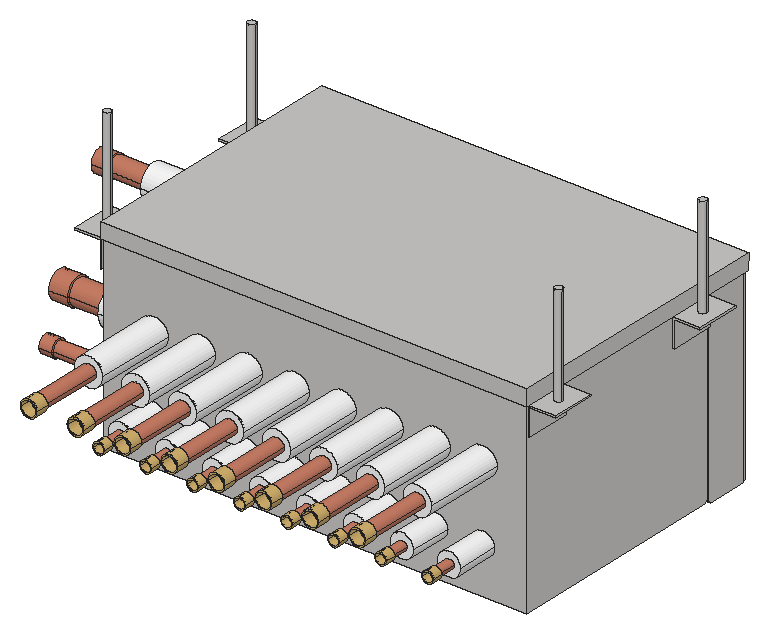
Revit family "Changeover_Box-VRF-Non_ducted-JCI-08_Port", category Mechanical Equipment, Revit 2014
Parameters (values of type "208v")
  Width = Body Width + Gas Front Connection Length  # 21.813"
  Voltage = 208 V
  Product Page URL = ""
  Product Name = "COB08M264B22S"
  Product Documentation Link = ""
  Power Factor = 0.8
  Power Consumption = 22.4 W
  Power Conduit Radius = Power Conduit Diameter / 2  # 7/16"
  Power Conduit Diameter = 7/8"
  Pitch = 4.750"
  Phase = 1
  Outdoor Suction Gas Wall Thickness = Outdoor Suction Gas Socket Outside Radius - Outdoor Suction Gas Socket Inside Radius  # 0.05511"
  Outdoor Suction Gas Socket Outside Radius = 1.0552 * Outdoor Suction Gas Radius + 0.095"  # 0.55665"
  Outdoor Suction Gas Socket Outside Depth = Outdoor Suction Gas Socket Inside Depth + Outdoor Suction Gas Wall Thickness  # 0.80823"
  Outdoor Suction Gas Socket Inside Radius = 1.0001 * Outdoor Suction Gas Radius + 0.064"  # 0.50154"
  Outdoor Suction Gas Socket Inside Depth = 1.15 * Outdoor Suction Gas Radius + 0.250"  # 0.75313"
  Outdoor Liquid Wall Thickness = Outdoor Liquid Socket Outside Radius - Outdoor Liquid Socket Inside Radius  # 0.04822"
  Outdoor Liquid Socket Outside Radius = 1.0552 * Outdoor Liquid Radius + 0.095"  # 0.42475"
  Outdoor Liquid Socket Outside Depth = Outdoor Liquid Socket Inside Depth + Outdoor Liquid Wall Thickness  # 0.65759"
  Outdoor Liquid Socket Inside Radius = 1.0001 * Outdoor Liquid Radius + 0.064"  # 0.37653"
  Outdoor Liquid Socket Inside Depth = 1.15 * Outdoor Liquid Radius + 0.250"  # 0.60938"
  Outdoor Discharge Gas Wall Thickness = Outdoor Discharge Gas Socket Outside Radius - Outdoor Discharge Gas Socket Inside Radius  # 0.06199"
  Outdoor Discharge Gas Socket Outside Radius = 1.0552 * Outdoor Discharge Gas Radius + 0.095"  # 0.68855"
  Outdoor Discharge Gas Socket Outside Depth = Outdoor Discharge Gas Socket Inside Depth + Outdoor Discharge Gas Wall Thickness  # 0.95887"
  Outdoor Discharge Gas Socket Inside Radius = 1.0001 * Outdoor Discharge Gas Radius + 0.064"  # 0.62656"
  Outdoor Discharge Gas Socket Inside Depth = 1.15 * Outdoor Discharge Gas Radius + 0.250"  # 0.89687"
  Operating Weight = 55.9998 kgf
  Number of Poles = 2
  Minimum Circuit Current = 0.4 A
  Max Number of Connectable Indoor Units (per branch) = 6
  Max Connectable Capacity (total) = 264000.0 Btu/h
  Max Connectable Capacity (per branch) = 54000.0 Btu/h
  Material Takeoff [instance] = yes
  Liquid Side Connection Length = 4.313"
  Liquid Front Connection Length = 3.375"
  Lid Height = 0.800"
  Length 5 [instance] = if(Material Takeoff, 0.000", Indoor Liquid Socket Inside Depth)  # 0.000"
  Length 4 [instance] = if(Material Takeoff, 0.000", Indoor Gas Socket Inside Depth)  # 0.000"
  Length 31 [instance] = if(Material Takeoff, Outdoor Suction Gas Socket Inside Depth, 0.000")  # 0.75313"
  Length 30 [instance] = if(Material Takeoff, Outdoor Suction Gas Socket Inside Depth, Outdoor Suction Gas Wall Thickness)  # 0.75313"
  Length 29 [instance] = if(Material Takeoff, Outdoor Liquid Socket Inside Depth, 0.000")  # 0.60938"
  Length 28 [instance] = if(Material Takeoff, Outdoor Liquid Socket Inside Depth, Outdoor Liquid Wall Thickness)  # 0.60938"
  Length 27 [instance] = if(Material Takeoff, Outdoor Discharge Gas Socket Inside Depth, Outdoor Discharge Gas Wall Thickness)  # 0.89687"
  Length 26 [instance] = if(Material Takeoff, Outdoor Discharge Gas Socket Inside Depth, 0.000")  # 0.89687"
  Length 25 [instance] = if(Material Takeoff, 0.000" - Indoor Liquid Socket Inside Depth, 0.000")  # -0.46563"
  Length 24 [instance] = if(Material Takeoff, Indoor Liquid Socket Inside Depth, Indoor Liquid Wall Thickness)  # 0.46563"
  Length 23 [instance] = if(Material Takeoff, Indoor Liquid Socket Inside Depth, 0.000")  # 0.46563"
  Length 22 [instance] = if(Material Takeoff, 0.000" - Indoor Gas Socket Inside Depth, 0.000")  # -0.60938"
  Length 21 [instance] = if(Material Takeoff, Indoor Gas Socket Inside Depth, Indoor Gas Wall Thickness)  # 0.60938"
  Length 20 [instance] = if(Material Takeoff, Indoor Gas Socket Inside Depth, 0.000")  # 0.60938"
  Length 19 = 0.025"
  Length = Body Length + Gas Side Connection Length  # 29.376"
  Indoor Liquid Wall Thickness = Indoor Liquid Socket Outside Radius - Indoor Liquid Socket Inside Radius  # 0.04133"
  Indoor Liquid Socket Outside Radius = 1.0552 * Indoor Liquid Radius + 0.095"  # 0.29285"
  Indoor Liquid Socket Outside Depth = Indoor Liquid Socket Inside Depth + Indoor Liquid Wall Thickness  # 0.50696"
  Indoor Liquid Socket Inside Radius = 1.0001 * Indoor Liquid Radius + 0.064"  # 0.25152"
  Indoor Liquid Socket Inside Depth = 1.15 * Indoor Liquid Radius + 0.250"  # 0.46563"
  Indoor Liquid Insulation Length = 2.000"
  Indoor Gas Wall Thickness = Indoor Gas Socket Outside Radius - Indoor Gas Socket Inside Radius  # 0.04822"
  Indoor Gas Socket Outside Radius = 1.0552 * Indoor Gas Radius + 0.095"  # 0.42475"
  Outdoor Suction Gas Z Offset = 6.125"
  Outdoor Suction Gas Y Offset = 9.625"
  Outdoor Suction Gas Radius = 7/16"
  Outdoor Liquid Z Offset = 2.375"
  Outdoor Liquid Y Offset = 1.9375"
  Outdoor Liquid Radius = 5/16"
  Outdoor Discharge Gas Z Offset = 1.625"
  Outdoor Discharge Gas Y Offset = 7.063"
  Outdoor Discharge Gas Radius = 9/16"
  Length 8 = Outdoor Suction Gas Radius + 0.400"  # 0.8375"
  Outdoor Discharge Gas Body Radius = Outdoor Discharge Gas Radius + 0.060"  # 0.6225"
  Length 6 = Outdoor Discharge Gas Radius + 0.400"  # 0.9625"
  Indoor Gas Insulation Length = 4.000"
  Indoor Gas Body Radius = Indoor Gas Radius + Indoor Gas Wall Thickness  # 0.36072"
  Indoor Liquid Body Radius = Indoor Liquid Radius + Indoor Liquid Wall Thickness  # 0.22883"
  Length 3 = Indoor Liquid Radius + 0.400"  # 0.5875"
  Length 2 = Indoor Gas Radius + 0.400"  # 0.7125"
  Length 7 = 0.100"  # constant formula
  Length 18 = if(Indoor Gas Y Offset - Length 2 < Width / 2 - Length 1, Indoor Gas Y Offset - Length 2, (Width / 2 - Length 1))  # 2.2375"
  Outdoor Liquid Body Radius = Outdoor Liquid Radius + 0.060"  # 0.3725"
  Length 16 = Outdoor Liquid Radius + 0.400"  # 0.7125"
  Outdoor Suction Gas Body Radius = Outdoor Suction Gas Radius + 0.060"  # 0.4975"
  Length 1 = 1.125"  # constant formula
  Knockout Z Separation = 1.340"
  Knockout Y Offset = 5.390"
  Knockout Power Radius = 111/256"
  Knockout Control Radius = 101/256"
  Indoor Gas Z Offset = 6.125"
  Indoor Liquid Y Offset = 0.820"
  Indoor Liquid Z Offset = 2.375"
  Indoor Gas Y Offset = 2.950"
  Indoor Gas Socket Outside Depth = Indoor Gas Socket Inside Depth + Indoor Gas Wall Thickness  # 0.65759"
  Indoor Gas Socket Inside Radius = 1.0001 * Indoor Gas Radius + 0.064"  # 0.37653"
  Indoor Gas Socket Inside Depth = 1.15 * Indoor Gas Radius + 0.250"  # 0.60938"
  Highlight Material 1 = Metal - JCI - Brass
  Height = 10.250"
  Front Pipe Spacing = Pitch / 2  # 2.375"
  Gas Front Connection Length = 7.813"
  Frequency = 60 Hz
  Copyright © = "Copyright © 2001-2017 Johnson Controls"  # constant formula
  Control Z Offset = 0.830"
  Gas Side Connection Length = 7.813"
  Comms Conduit Radius = Comms Conduit Diameter / 2  # 1/2"
  Comms Conduit Diameter = 1"
  Body Width = 14.000"
  Body Length = Hanging Bolt Pitch - 1.250"  # 21.563"
  URL = "http://www.johnsoncontrols.com"
  Type Comments = "COB08M264B22S 208v"
  Insulation Material = Plastic - JCI - White
  Model = Product Name  # "COB08M264B22S"
  Manufacturer = "Johnson Controls Inc."
  Load Classification = HVAC
  Length 9 [instance] = if(Clearance Zones, Clearance Front, 0.000")  # 0.000"
  Length 14 [instance] = if(Clearance Zones, Clearance Top, 0.000")  # 0.000"
  Length 13 [instance] = if(Clearance Zones, Clearance Bottom, 0.000")  # 0.000"
  Length 12 [instance] = if(Clearance Zones, Clearance Right, 0.000")  # 0.000"
  Length 11 [instance] = if(Clearance Zones, Clearance Left, 0.000")  # 0.000"
  Length 10 [instance] = if(Clearance Zones, Clearance Back, 0.000")  # 0.000"
  Hanging Bolt Pitch = 22.813"
  Description = "Cooling/Heating 8 Port Changeover Box"  # constant formula
  Hanging Bolts [instance] = yes
  Drop Rod Radius = 0.188"
  Hanging Height [instance] = 4.250"
  Drain Radius = 5/8"
  Indoor Liquid Radius = 3/16"
  Indoor Gas Radius = 5/16"
  DX Pipe Material = Metal - JCI - Copper
  Clearance Zones [instance] = no
  Clearance Top [instance] = 3.938"
  Clearance Right [instance] = 15.750"
  Clearance Material = Clearance Zones
  Clearance Left [instance] = 19.688"
  Clearance Front [instance] = 27.600"
  Clearance Bottom = 3.938"
  Clearance Back = 33.438"
  Body Material = Metal - JCI - Steel
  Assembly Code = "D3030200"
  Apparent Load = Minimum Circuit Current * Voltage / Power Factor  # 104 VA
  Angle 1 [instance] = if(Material Takeoff, 90.00°, 0.00°)  # 90.00°
Reference planes (in)
  plane 1 "Center (Front/Back)": y = 0
  plane 2: z = 0
  plane 3 "Center (Left/Right)": x = 0
  plane 4 "Back": y = 10.9065
  plane 5 "Front": y = -10.9065
  plane 6 "lid left": x = -10.7815
  plane 7 "lid right": x = 10.7815
  plane 8 "upper bracket left": x = -12.1565
  plane 9 "upper bracket right": x = 12.1565
  plane 10 "Left Bolt Pitch": x = -11.4065
  plane 11 "Right Bolt Pitch": x = 11.4065
  plane 12 "Top": z = 10.25
  plane 13 "Bottom": z = 0
  plane 14 "plate top": z = 9.45
  plane 15 "plate bottom": z = 9.371
  plane 16 "bracket 1 front": y = -2.9935
  plane 17 "Hanging Rods Height": z = 14.5
  plane 18 "bolt bottom": z = 9.071
  plane 19: z = 10.25
  plane 20 "Cleareance Left": x = -10.7815
  plane 21 "Clearance Right": x = 12.1565
  plane 22 "Clearance Front": y = -10.9065
  plane 23 "Clearance Back": y = 10.9065
  plane 24 "Clearance Top": z = 10.25
  plane 25 "Clearance Bottom": z = 0
  plane 26 "bracket 1 back": y = -0.7435
  plane 27 "rod 1 y cl": y = -1.8685
  plane 28 "Left": x = -18.4945
  plane 29 "Right": x = 12.1565
  plane 30 "trim back 1": y = 8.4065
  plane 31 "body top": z = 9.45
  plane 32 "body left": x = -10.6815
  plane 33 "body right": x = 10.6815
  plane 34 "bracket bottom": z = 8.05
  plane 35 "control z cl": z = 0.83
  plane 36 "power z cl": z = 2.17
  plane 37 "indoor liquid z cl": z = 2.375
  plane 38 "outside discharge gas y cl": y = 3.9695
  plane 39 "outdoor liquid y cl": y = -1.156
  plane 40 "outside suction gas y cl": y = 6.5315
  plane 41 "outdoor discharge gas z cl": z = 1.625
  plane 42 "outdoor liquid z cl": z = 2.375
  plane 43 "outdoor suction gas z cl": z = 6.125
  plane 44 "outdoor liquid inuslation left": x = -12.2815
  plane 45 "outdoor gas insulation left": x = -15.7815
  plane 46 "knockout y cl": y = 5.5165
  plane 47 "body back": y = 10.8065
  plane 48 "body front": y = -2.9935
  plane 49 "trim back 2": y = 7.9065
  plane 50 "drain y cl": y = 9.4065
  plane 51 "drain left": x = -12.0815
  plane 52 "front liquid x cl": x = -8.1565
  plane 53 "front gas x cl": x = -5.7815
  plane 54: x = -3.4065
  plane 55: x = -1.0315
  plane 56: x = 1.3435
  plane 57: x = 3.7185
  plane 58: x = 6.0935
  plane 59: x = 8.4685
  plane 60 "lid front": y = -3.0935
  plane 61 "gas insulation front": y = -7.0935
  plane 62 "indoor gas socket back": y = -10.24891
  plane 63 "indoor liquid socket back": y = -5.96154
  plane 64 "gas void back": y = -10.29713
  plane 65 "gas void front": y = -10.9065
  plane 66 "liquid void back": y = -6.00288
  plane 67 "liquid void front": y = -6.4685
  plane 68 "bracket 2 front": y = 6.1315
  plane 69 "bracket 2 back": y = 8.3815
  plane 70: y = 7.2565
  plane 71 "indoor gas z cl": z = 6.125
  plane 72 "indoor liquid front": y = -6.4685
  plane 73: y = -5.0935
  plane 74 "outside liquid left": x = -15.0945
Forms (in)
  Extrusion 1, solid, detail levels coarse
    sketch origin (0, 0, 0) x (0, 1, 0) y (0, 0, 1)
      loop
        line (-10.9065, 10.25) -> (-10.9065, 0) -> (10.9065, 0) -> (10.9065, 10.25) -> (-10.9065, 10.25)
    from -18.4945 to 12.1565
  Extrusion 2, solid, material "Metal - JCI - Steel" <- "Body Material", visible <- "Hanging Bolts", detail levels medium+fine
    sketch origin (0, 0, 9.45) x (-1, 0, 0) y (0, -1, 0)
      loop
        circle (11.4065, 1.8685) r 0.188
      loop
        circle (-11.4065, 1.8685) r 0.188
      loop
        circle (11.4065, -7.2565) r 0.188
      loop
        circle (-11.4065, -7.2565) r 0.188
    from 0 to 5.05
  Extrusion 3, solid, material "Clearance Zones" <- "Clearance Material", visible <- "Clearance Zones"
    sketch origin (0, 0, 10.25) x (-1, 0, 0) y (0, -1, 0)
      loop
        line (10.7815, -10.9065) -> (10.7815, 10.9065) -> (-12.1565, 10.9065) -> (-12.1565, -10.9065) -> (10.7815, -10.9065)
    from -10.25 to 0
  Extrusion 4, solid, material "Metal - JCI - Steel" <- "Body Material", visible <- "Hanging Bolts", detail levels medium+fine
    sketch origin (0, 0, 10.25) x (-1, 0, 0) y (0, -1, 0)
      loop
        circle (11.4065, 1.8685) r 0.188
      loop
        circle (-11.4065, 1.8685) r 0.188
      loop
        circle (11.4065, -7.2565) r 0.188
      loop
        circle (-11.4065, -7.2565) r 0.188
    from -1.179 to -0.879
  Extrusion 5, solid, material "Metal - JCI - Steel" <- "Body Material", detail levels fine
    sketch origin (0, 0, 10.25) x (-1, 0, 0) y (0, -1, 0)
      loop
        line (10.7815, -10.9065) -> (10.7815, 3.0935) -> (-10.7815, 3.0935) -> (-10.7815, -10.9065) -> (10.7815, -10.9065)
    from -0.8 to 0
  Extrusion 6, solid, material "Metal - JCI - Steel" <- "Body Material", detail levels medium+fine
    sketch origin (0, -10.9065, 0) x (-1, 0, 0) y (0, 0, 1)
      loop
        line (12.1565, 9.45) -> (10.7815, 9.45) -> (10.7815, 8.05) -> (10.8605, 8.05) -> (10.8605, 9.371) -> (12.1565, 9.371) -> (12.1565, 9.45)
      loop
        line (-10.7815, 8.05) -> (-10.7815, 9.45) -> (-12.1565, 9.45) -> (-12.1565, 9.371) -> (-10.8605, 9.371) -> (-10.8605, 8.05) -> (-10.7815, 8.05)
    from 7.913 to 10.163
  Revolve 7, solid, material "Metal - JCI - Copper" <- "DX Pipe Material", detail levels medium+fine
    sketch origin (0, 0, 1.625) x (0, 1, 0) y (-1, 0, 0)
      loop
        line (3.9695, 10.6815) -> (4.932, 10.6815) -> (4.932, 15.7815) -> (4.592, 15.7815) -> (4.592, 17.53563) -> (4.65805, 17.53563) -> (4.65805, 18.4945) -> (4.59606, 18.4945) -> (4.59606, 17.59762) -> (3.9695, 17.59762) -> (3.9695, 10.6815)
      axis (3.9695, 18.4945) -> (3.9695, 10.6815)
    angle from 0 to 360
  Revolve 8, solid, material "Metal - JCI - Copper" <- "DX Pipe Material", detail levels medium+fine
    sketch origin (0, 0, 2.375) x (0, 1, 0) y (-1, 0, 0)
      loop
        line (-1.156, 14.48512) -> (-1.156, 10.6815) -> (-0.4435, 10.6815) -> (-0.4435, 12.2815) -> (-0.7835, 12.2815) -> (-0.7835, 14.43691) -> (-0.73125, 14.43691) -> (-0.73125, 15.0945) -> (-0.77947, 15.0945) -> (-0.77947, 14.48512) -> (-1.156, 14.48512)
      axis (-1.156, 15.0945) -> (-1.156, 10.6815)
    angle from 0 to 360
  Revolve 9, solid, material "Metal - JCI - Copper" <- "DX Pipe Material", detail levels medium+fine
    sketch origin (0, 0, 6.125) x (0, 1, 0) y (-1, 0, 0)
      loop
        line (7.08815, 18.4945) -> (7.03304, 18.4945) -> (7.03304, 17.74137) -> (6.5315, 17.74137) -> (6.5315, 10.6815) -> (7.369, 10.6815) -> (7.369, 15.7815) -> (7.029, 15.7815) -> (7.029, 17.68627) -> (7.08815, 17.68627) -> (7.08815, 18.4945)
      axis (6.5315, 18.4945) -> (6.5315, 10.6815)
    angle from 0 to 360
  Extrusion 10, solid, material "Metal - JCI - Steel" <- "Body Material", detail levels medium
    sketch origin (0, 0, 10.25) x (-1, 0, 0) y (0, -1, 0)
      loop
        line (10.6815, -10.9065) -> (10.6815, 2.9935) -> (-10.6815, 2.9935) -> (-10.6815, -10.9065) -> (10.6815, -10.9065)
    from 0 to -10.25
  Extrusion 11, solid, material "Metal - JCI - Copper" <- "DX Pipe Material", not visible
    sketch origin (-18.4945, 0, 0) x (0, 1, 0) y (0, 0, 1)
      loop
        circle (3.9695, 1.625) r 0.2
    from 0.89688 <- "Length 26" to 3
  Extrusion 12, solid, material "Metal - JCI - Copper" <- "DX Pipe Material", not visible
    sketch origin (-15.0945, 0, 0) x (0, 1, 0) y (0, 0, 1)
      loop
        circle (-1.156, 2.375) r 0.2
    from 0.60938 <- "Length 29" to 3
  Extrusion 13, solid, material "Metal - JCI - Copper" <- "DX Pipe Material", not visible
    sketch origin (-18.4945, 0, 0) x (0, 1, 0) y (0, 0, 1)
      loop
        circle (6.5315, 6.125) r 0.2
    from 0.75313 <- "Length 31" to 3
  Extrusion 14, solid, material "Metal - JCI - Steel" <- "Body Material", detail levels fine
    sketch origin (-10.7815, 0, 0) x (0, 1, 0) y (0, 0, 1)
      loop
        line (8.53967, 0) -> (10.8065, 0) -> (10.8065, 9.45) -> (-2.9935, 9.45) -> (-2.9935, 0) -> (8.27333, 0) -> (8.4065, 0.13317) -> (8.53967, 0)
    from 0.1 to 21.463
  Extrusion 15, solid, material "Metal - JCI - Steel" <- "Body Material", detail levels fine
    sketch origin (-10.7815, 0, 0) x (0, 1, 0) y (0, 0, 1)
      loop
        line (8.53967, 0) -> (10.5565, 0) -> (10.5565, 9.45) -> (8.4065, 9.45) -> (8.4065, 0.13317) -> (8.53967, 0)
    from 0 to 21.563
  Extrusion 16, solid, material "Plastic - JCI - White" <- "Insulation Material", detail levels medium+fine
    sketch origin (0, -2.9935, 0) x (-1, 0, 0) y (0, 0, 1)
      loop
        circle (5.7815, 6.125) r 0.7125
      loop
        circle (1.0315, 6.125) r 0.7125
      loop
        circle (-3.7185, 6.125) r 0.7125
      loop
        circle (-8.4685, 6.125) r 0.7125
      loop
        circle (8.1565, 6.125) r 0.7125
      loop
        circle (3.4065, 6.125) r 0.7125
      loop
        circle (-1.3435, 6.125) r 0.7125
      loop
        circle (-6.0935, 6.125) r 0.7125
    from 0 to -4.1
  Extrusion 17, solid, material "Metal - JCI - Copper" <- "DX Pipe Material", detail levels medium+fine
    sketch origin (0, -10.9065, 0) x (-1, 0, 0) y (0, 0, 1)
      loop
        circle (5.7815, 6.125) r 0.36072
      loop
        circle (1.0315, 6.125) r 0.36072
      loop
        circle (-3.7185, 6.125) r 0.36072
      loop
        circle (-8.4685, 6.125) r 0.36072
      loop
        circle (8.1565, 6.125) r 0.36072
      loop
        circle (3.4065, 6.125) r 0.36072
      loop
        circle (-6.0935, 6.125) r 0.36072
      loop
        circle (-1.3435, 6.125) r 0.36072
    from 0.65759 to 3.813
  Extrusion 18, solid, material "Metal - JCI - Brass" <- "Highlight Material 1", detail levels medium+fine
    sketch origin (0, -10.9065, 0) x (-1, 0, 0) y (0, 0, 1)
      loop
        circle (5.7815, 6.125) r 0.42475
      loop
        circle (1.0315, 6.125) r 0.42475
      loop
        circle (-3.7185, 6.125) r 0.42475
      loop
        circle (-8.4685, 6.125) r 0.42475
      loop
        circle (8.1565, 6.125) r 0.42475
      loop
        circle (-1.3435, 6.125) r 0.42475
      loop
        circle (3.4065, 6.125) r 0.42475
      loop
        circle (-6.0935, 6.125) r 0.42475
    from 0 to 0.65759
  Extrusion 19, void
    sketch origin (0, -10.9065, 0) x (-1, 0, 0) y (0, 0, 1)
      loop
        circle (5.7815, 6.125) r 0.37653
      loop
        circle (1.0315, 6.125) r 0.37653
      loop
        circle (-3.7185, 6.125) r 0.37653
      loop
        circle (-8.4685, 6.125) r 0.37653
      loop
        circle (8.1565, 6.125) r 0.37653
      loop
        circle (-1.3435, 6.125) r 0.37653
      loop
        circle (3.4065, 6.125) r 0.37653
      loop
        circle (-6.0935, 6.125) r 0.37653
    from 0 to 0.60938
  Extrusion 20, solid, material "Metal - JCI - Copper" <- "DX Pipe Material", detail levels medium+fine
    sketch origin (0, -10.9065, 0) x (-1, 0, 0) y (0, 0, 1)
      loop
        circle (8.1565, 2.375) r 0.22883
      loop
        circle (3.4065, 2.375) r 0.22883
      loop
        circle (-1.3435, 2.375) r 0.22883
      loop
        circle (-6.0935, 2.375) r 0.22883
      loop
        circle (5.7815, 2.375) r 0.22883
      loop
        circle (-3.7185, 2.375) r 0.22883
      loop
        circle (-8.4685, 2.375) r 0.22883
      loop
        circle (1.0315, 2.375) r 0.22883
    from 5.813 to 4.94496
  Extrusion 21, solid, material "Metal - JCI - Brass" <- "Highlight Material 1", detail levels medium+fine
    sketch origin (0, -10.9065, 0) x (-1, 0, 0) y (0, 0, 1)
      loop
        circle (8.1565, 2.375) r 0.29285
      loop
        circle (3.4065, 2.375) r 0.29285
      loop
        circle (-1.3435, 2.375) r 0.29285
      loop
        circle (-6.0935, 2.375) r 0.29285
      loop
        circle (5.7815, 2.375) r 0.29285
      loop
        circle (1.0315, 2.375) r 0.29285
      loop
        circle (-3.7185, 2.375) r 0.29285
      loop
        circle (-8.4685, 2.375) r 0.29285
    from 4.438 to 4.94496
  Extrusion 22, void
    sketch origin (0, -10.9065, 0) x (-1, 0, 0) y (0, 0, 1)
      loop
        circle (8.1565, 2.375) r 0.25152
      loop
        circle (3.4065, 2.375) r 0.25152
      loop
        circle (-1.3435, 2.375) r 0.25152
      loop
        circle (-6.0935, 2.375) r 0.25152
      loop
        circle (5.7815, 2.375) r 0.25152
      loop
        circle (1.0315, 2.375) r 0.25152
      loop
        circle (-3.7185, 2.375) r 0.25152
      loop
        circle (-8.4685, 2.375) r 0.25152
    from 4.90363 to 4.438
  Extrusion 23, solid, material "Metal - JCI - Steel" <- "Body Material", detail levels medium+fine
    sketch origin (0, -10.9065, 0) x (-1, 0, 0) y (0, 0, 1)
      loop
        line (10.7815, 9.45) -> (10.7815, 8.05) -> (10.8605, 8.05) -> (10.8605, 9.371) -> (12.1565, 9.371) -> (12.1565, 9.45) -> (10.7815, 9.45)
      loop
        line (-10.8605, 8.05) -> (-10.7815, 8.05) -> (-10.7815, 9.45) -> (-12.1565, 9.45) -> (-12.1565, 9.371) -> (-10.8605, 9.371) -> (-10.8605, 8.05)
    from 17.038 to 19.288
  Extrusion 24, solid, material "Plastic - JCI - White" <- "Insulation Material", detail levels medium+fine
    sketch origin (0, -10.9065, 0) x (-1, 0, 0) y (0, 0, 1)
      loop
        circle (8.1565, 2.375) r 0.5875
      loop
        circle (3.4065, 2.375) r 0.5875
      loop
        circle (-1.3435, 2.375) r 0.5875
      loop
        circle (-6.0935, 2.375) r 0.5875
      loop
        circle (5.7815, 2.375) r 0.5875
      loop
        circle (-3.7185, 2.375) r 0.5875
      loop
        circle (1.0315, 2.375) r 0.5875
      loop
        circle (-8.4685, 2.375) r 0.5875
    from 5.813 to 7.913
  Extrusion 25, solid, material "Metal - JCI - Steel" <- "Body Material", detail levels medium+fine
    sketch origin (0, 0, 0) x (-1, 0, 0) y (0, -1, 0)
      loop
        circle (9.3065, -9.969) r 0.4375
      loop
        circle (2.369, -9.594) r 0.5
      loop
        circle (-7.0685, -9.594) r 0.5
    from 0 to 0.83
Cuts and joins
  Extrusion 19 cuts Extrusion 18
  Extrusion 22 cuts Extrusion 21
Lines and regions (in)
  Masking region 1, detail levels medium+fine
    outline origin (0, 0, 9.45) x (-1, 0, 0) y (0, -1, 0)
      loop
        line (10.7815, -10.9065) -> (10.7815, 3.0935) -> (-10.7815, 3.0935) -> (-10.7815, -10.9065) -> (10.7815, -10.9065)
  Masking region 2, detail levels medium+fine
    outline origin (0, 0, 0) x (1, 0, 0) y (0, 0, 1)
      loop
        line (-10.7815, 10.25) -> (-10.7815, 0) -> (10.7815, 0) -> (10.7815, 10.25) -> (-10.7815, 10.25)
  Masking region 3, detail levels coarse
    outline origin (0, 0, 0) x (0, 1, 0) y (0, 0, 1)
      loop
        line (-10.9065, 10.25) -> (-10.9065, 0) -> (10.9065, 0) -> (10.9065, 10.25) -> (-10.9065, 10.25)
  Masking region 4, visible <- "Hanging Bolts", detail levels fine
    outline origin (0, 0, 0) x (0, 1, 0) y (0, 0, 1)
      loop
        line (-2.0565, 14.5) -> (-2.0565, 9.45) -> (-1.6805, 9.45) -> (-1.6805, 14.5) -> (-2.0565, 14.5)
      loop
        line (-1.6805, 9.371) -> (-2.0565, 9.371) -> (-2.0565, 9.071) -> (-1.6805, 9.071) -> (-1.6805, 9.371)
      loop
        line (7.4445, 14.5) -> (7.0685, 14.5) -> (7.0685, 9.45) -> (7.4445, 9.45) -> (7.4445, 14.5)
      loop
        line (7.4445, 9.371) -> (7.0685, 9.371) -> (7.0685, 9.071) -> (7.4445, 9.071) -> (7.4445, 9.371)
  Masking region 5, detail levels fine
    outline origin (0, 0, 0) x (1, 0, 0) y (0, 0, 1)
      loop
        line (-12.1565, 9.45) -> (-12.1565, 9.371) -> (-10.8605, 9.371) -> (-10.8605, 8.05) -> (-10.7815, 8.05) -> (-10.7815, 9.45) -> (-12.1565, 9.45)
      loop
        line (10.8605, 9.371) -> (12.1565, 9.371) -> (12.1565, 9.45) -> (10.7815, 9.45) -> (10.7815, 8.05) -> (10.8605, 8.05) -> (10.8605, 9.371)
  Masking region 6, visible <- "Hanging Bolts", detail levels fine
    outline origin (0, 0, 0) x (1, 0, 0) y (0, 0, 1)
      loop
        line (-11.5945, 14.5) -> (-11.5945, 9.45) -> (-11.2185, 9.45) -> (-11.2185, 14.5) -> (-11.5945, 14.5)
      loop
        line (11.2185, 14.5) -> (11.2185, 9.45) -> (11.5945, 9.45) -> (11.5945, 14.5) -> (11.2185, 14.5)
      loop
        line (-11.5945, 9.371) -> (-11.5945, 9.071) -> (-11.2185, 9.071) -> (-11.2185, 9.371) -> (-11.5945, 9.371)
      loop
        line (11.2185, 9.371) -> (11.2185, 9.071) -> (11.5945, 9.071) -> (11.5945, 9.371) -> (11.2185, 9.371)
  Masking region 7, detail levels medium+fine
    outline origin (0, 0, 9.45) x (-1, 0, 0) y (0, -1, 0)
      loop
        line (15.0945, 0.73125) -> (15.0945, 1.58075) -> (14.43691, 1.58075) -> (14.43691, 1.5285) -> (12.2815, 1.5285) -> (12.2815, 1.8685) -> (10.7815, 1.8685) -> (10.7815, 0.4435) -> (12.2815, 0.4435) -> (12.2815, 0.7835) -> (14.43691, 0.7835) -> (14.43691, 0.73125) -> (15.0945, 0.73125)
  Masking region 8, detail levels medium+fine
    outline origin (0, 0, 9.45) x (-1, 0, 0) y (0, -1, 0)
      loop
        line (17.68627, -7.08815) -> (18.4945, -7.08815) -> (18.4945, -5.97485) -> (17.68627, -5.97485) -> (17.68627, -6.034) -> (15.7815, -6.034) -> (15.7815, -5.694) -> (10.7815, -5.694) -> (10.7815, -7.369) -> (15.7815, -7.369) -> (15.7815, -7.029) -> (17.68627, -7.029) -> (17.68627, -7.08815)
      loop
        line (17.53563, -4.592) -> (17.53563, -4.65805) -> (18.4945, -4.65805) -> (18.4945, -3.28095) -> (17.53563, -3.28095) -> (17.53563, -3.347) -> (15.7815, -3.347) -> (15.7815, -3.007) -> (10.7815, -3.007) -> (10.7815, -4.932) -> (15.7815, -4.932) -> (15.7815, -4.592) -> (17.53563, -4.592)
  Masking region 9, detail levels coarse
    outline origin (0, 0, 10.25) x (-1, 0, 0) y (0, -1, 0)
      loop
        line (-12.1565, -10.9065) -> (18.4945, -10.9065) -> (18.4945, 10.9065) -> (-12.1565, 10.9065) -> (-12.1565, -10.9065)
  Masking region 10, detail levels coarse
    outline origin (0, -10.9065, 0) x (-1, 0, 0) y (0, 0, 1)
      loop
        line (18.4945, 10.25) -> (-12.1565, 10.25) -> (-12.1565, 0) -> (18.4945, 0) -> (18.4945, 10.25)
  Masking region 11, detail levels medium+fine
    outline origin (10.6815, 0, 0) x (0, 1, 0) y (0, 0, 1)
      loop
        line (-2.9935, 2.9625) -> (-5.0935, 2.9625) -> (-5.0935, 2.60383) -> (-5.96154, 2.60383) -> (-5.96154, 2.66785) -> (-6.4685, 2.66785) -> (-6.4685, 2.08215) -> (-5.96154, 2.08215) -> (-5.96154, 2.14617) -> (-5.0935, 2.14617) -> (-5.0935, 1.7875) -> (-2.9935, 1.7875) -> (-2.9935, 2.9625)
      loop
        line (-2.9935, 6.8375) -> (-7.0935, 6.8375) -> (-7.0935, 6.48572) -> (-10.24891, 6.48572) -> (-10.24891, 6.54975) -> (-10.9065, 6.54975) -> (-10.9065, 5.70025) -> (-10.24891, 5.70025) -> (-10.24891, 5.76428) -> (-7.0935, 5.76428) -> (-7.0935, 5.4125) -> (-2.9935, 5.4125) -> (-2.9935, 6.8375)
  Masking region 12, detail levels medium
    outline origin (0, 0, 0) x (0, 1, 0) y (0, 0, 1)
      loop
        line (10.9065, 10.25) -> (-2.9935, 10.25) -> (-2.9935, 0) -> (10.9065, 0) -> (10.9065, 10.25)
  Masking region 13, detail levels coarse
    outline origin (0, 0, 0) x (1, 0, 0) y (0, 0, 1)
      loop
        line (-18.4945, 10.25) -> (-18.4945, 0) -> (12.1565, 0) -> (12.1565, 10.25) -> (-18.4945, 10.25)
  Masking region 14, detail levels fine
    outline origin (0, 0, 0) x (0, 1, 0) y (0, 0, 1)
      loop
        line (10.8065, 9.45) -> (10.9065, 9.45) -> (10.9065, 10.25) -> (-3.0935, 10.25) -> (-3.0935, 9.45) -> (-2.9935, 9.45) -> (-2.9935, 0) -> (8.27333, 0) -> (8.4065, 0.13317) -> (8.53967, 0) -> (10.8065, 0) -> (10.8065, 9.45)
  Masking region 15, detail levels medium+fine
    outline origin (0, 0, 10.25) x (-1, 0, 0) y (0, -1, 0)
      loop
        line (10.7815, -8.3815) -> (12.1565, -8.3815) -> (12.1565, -6.1315) -> (10.7815, -6.1315) -> (10.7815, -8.3815)
      loop
        line (10.7815, 0.7435) -> (12.1565, 0.7435) -> (12.1565, 2.9935) -> (10.7815, 2.9935) -> (10.7815, 0.7435)
      loop
        line (-12.1565, 0.7435) -> (-10.7815, 0.7435) -> (-10.7815, 2.9935) -> (-12.1565, 2.9935) -> (-12.1565, 0.7435)
      loop
        line (-12.1565, -8.3815) -> (-10.7815, -8.3815) -> (-10.7815, -6.1315) -> (-12.1565, -6.1315) -> (-12.1565, -8.3815)
  Masking region 16, detail levels medium+fine
    outline origin (0, 0, 10.25) x (-1, 0, 0) y (0, -1, 0)
      loop
        line (8.51722, 7.0935) -> (8.51722, 10.24891) -> (8.58125, 10.24891) -> (8.58125, 10.9065) -> (7.73175, 10.9065) -> (7.73175, 10.24891) -> (7.79578, 10.24891) -> (7.79578, 7.0935) -> (7.444, 7.0935) -> (7.444, 3.0935) -> (8.869, 3.0935) -> (8.869, 7.0935) -> (8.51722, 7.0935)
      loop
        line (6.14222, 7.0935) -> (6.14222, 10.24891) -> (6.20625, 10.24891) -> (6.20625, 10.9065) -> (5.35675, 10.9065) -> (5.35675, 10.24891) -> (5.42078, 10.24891) -> (5.42078, 7.0935) -> (5.069, 7.0935) -> (5.069, 3.0935) -> (6.494, 3.0935) -> (6.494, 7.0935) -> (6.14222, 7.0935)
      loop
        line (3.76722, 7.0935) -> (3.76722, 10.24891) -> (3.83125, 10.24891) -> (3.83125, 10.9065) -> (2.98175, 10.9065) -> (2.98175, 10.24891) -> (3.04578, 10.24891) -> (3.04578, 7.0935) -> (2.694, 7.0935) -> (2.694, 3.0935) -> (4.119, 3.0935) -> (4.119, 7.0935) -> (3.76722, 7.0935)
      loop
        line (1.39222, 7.0935) -> (1.39222, 10.24891) -> (1.45625, 10.24891) -> (1.45625, 10.9065) -> (0.60675, 10.9065) -> (0.60675, 10.24891) -> (0.67078, 10.24891) -> (0.67078, 7.0935) -> (0.319, 7.0935) -> (0.319, 3.0935) -> (1.744, 3.0935) -> (1.744, 7.0935) -> (1.39222, 7.0935)
      loop
        line (-0.98278, 7.0935) -> (-0.98278, 10.24891) -> (-0.91875, 10.24891) -> (-0.91875, 10.9065) -> (-1.76825, 10.9065) -> (-1.76825, 10.24891) -> (-1.70422, 10.24891) -> (-1.70422, 7.0935) -> (-2.056, 7.0935) -> (-2.056, 3.0935) -> (-0.631, 3.0935) -> (-0.631, 7.0935) -> (-0.98278, 7.0935)
      loop
        line (-3.35778, 7.0935) -> (-3.35778, 10.24891) -> (-3.29375, 10.24891) -> (-3.29375, 10.9065) -> (-4.14325, 10.9065) -> (-4.14325, 10.24891) -> (-4.07922, 10.24891) -> (-4.07922, 7.0935) -> (-4.431, 7.0935) -> (-4.431, 3.0935) -> (-3.006, 3.0935) -> (-3.006, 7.0935) -> (-3.35778, 7.0935)
      loop
        line (-5.73278, 7.0935) -> (-5.73278, 10.24891) -> (-5.66875, 10.24891) -> (-5.66875, 10.9065) -> (-6.51825, 10.9065) -> (-6.51825, 10.24891) -> (-6.45422, 10.24891) -> (-6.45422, 7.0935) -> (-6.806, 7.0935) -> (-6.806, 3.0935) -> (-5.381, 3.0935) -> (-5.381, 7.0935) -> (-5.73278, 7.0935)
      loop
        line (-8.10778, 7.0935) -> (-8.10778, 10.24891) -> (-8.04375, 10.24891) -> (-8.04375, 10.9065) -> (-8.89325, 10.9065) -> (-8.89325, 10.24891) -> (-8.82922, 10.24891) -> (-8.82922, 7.0935) -> (-9.181, 7.0935) -> (-9.181, 3.0935) -> (-7.756, 3.0935) -> (-7.756, 7.0935) -> (-8.10778, 7.0935)
  Masking region 17, detail levels medium+fine
    outline origin (0, 6.5315, 0) x (0, 0, 1) y (-1, 0, 0)
      loop
        line (6.68165, 18.4945) -> (5.56835, 18.4945) -> (5.56835, 17.68627) -> (5.6275, 17.68627) -> (5.6275, 15.7815) -> (5.2875, 15.7815) -> (5.2875, 10.7815) -> (6.9625, 10.7815) -> (6.9625, 15.7815) -> (6.6225, 15.7815) -> (6.6225, 17.68627) -> (6.68165, 17.68627) -> (6.68165, 18.4945)
      loop
        line (2.31355, 17.53563) -> (2.31355, 18.4945) -> (0.93645, 18.4945) -> (0.93645, 17.53563) -> (1.0025, 17.53563) -> (1.0025, 15.7815) -> (0.6625, 15.7815) -> (0.6625, 10.7815) -> (2.5875, 10.7815) -> (2.5875, 15.7815) -> (2.2475, 15.7815) -> (2.2475, 17.53563) -> (2.31355, 17.53563)
  Masking region 18, detail levels medium+fine
    outline origin (0, -1.156, 0) x (0, 0, 1) y (-1, 0, 0)
      loop
        line (2.79975, 15.0945) -> (1.95025, 15.0945) -> (1.95025, 14.43691) -> (2.0025, 14.43691) -> (2.0025, 12.2815) -> (1.6625, 12.2815) -> (1.6625, 10.7815) -> (3.0875, 10.7815) -> (3.0875, 12.2815) -> (2.7475, 12.2815) -> (2.7475, 14.43691) -> (2.79975, 14.43691) -> (2.79975, 15.0945)
  symbolic lines, detail levels medium+fine
    curve 1: circle (-11.4065, -1.8685, 9.45) r 0.188 normal (0, 0, 1)
    curve 2: circle (11.4065, -1.8685, 9.45) r 0.188 normal (0, 0, 1)
    curve 3: line (0, -2.9935, 9.371) -> (0, -0.7435, 9.371)
    curve 17: line (-14.43691, -0.7835, 9.45) -> (-14.43691, -1.5285, 9.45)
    curve 18: line (-12.2815, -0.7835, 9.45) -> (-12.2815, -1.5285, 9.45)
    curve 19: line (-17.68627, 7.029, 9.45) -> (-17.68627, 6.034, 9.45)
    curve 20: line (-15.7815, 7.029, 9.45) -> (-15.7815, 6.034, 9.45)
    curve 24: circle (-10.7815, 3.9695, 1.625) r 0.9625 normal (1, 0, 0)
    curve 25: circle (-10.7815, 3.9695, 1.625) r 0.68855 normal (1, 0, 0)
    curve 26: circle (-10.7815, -1.156, 2.375) r 0.42475 normal (1, 0, 0)
    curve 27: circle (-10.7815, -1.156, 2.375) r 0.7125 normal (1, 0, 0)
    curve 28: circle (-10.7815, 6.5315, 6.125) r 0.55665 normal (1, 0, 0)
    curve 29: circle (-10.7815, 6.5315, 6.125) r 0.8375 normal (1, 0, 0)
    curve 34: line (10.6815, -5.0935, 2.60383) -> (10.6815, -5.0935, 2.14617)
    curve 35: line (10.6815, -5.96154, 2.60383) -> (10.6815, -5.96154, 2.14617)
    curve 36: circle (-8.1565, -10.9065, 2.375) r 0.5875 normal (0, 1, 0)
    curve 37: circle (-5.7815, -10.9065, 6.125) r 0.7125 normal (0, 1, 0)
    curve 38: circle (-3.4065, -10.9065, 2.375) r 0.5875 normal (0, 1, 0)
    curve 39: circle (-1.0315, -10.9065, 6.125) r 0.7125 normal (0, 1, 0)
    curve 40: circle (1.3435, -10.9065, 2.375) r 0.5875 normal (0, 1, 0)
    curve 41: circle (3.7185, -10.9065, 6.125) r 0.7125 normal (0, 1, 0)
    curve 42: circle (6.0935, -10.9065, 2.375) r 0.5875 normal (0, 1, 0)
    curve 43: circle (8.4685, -10.9065, 6.125) r 0.7125 normal (0, 1, 0)
    curve 44: circle (-8.1565, -10.9065, 2.375) r 0.29285 normal (0, 1, 0)
    curve 45: circle (-5.7815, -10.9065, 6.125) r 0.42475 normal (0, 1, 0)
    curve 46: circle (-3.4065, -10.9065, 2.375) r 0.29285 normal (0, 1, 0)
    curve 47: circle (-1.0315, -10.9065, 6.125) r 0.42475 normal (0, 1, 0)
    curve 48: circle (1.3435, -10.9065, 2.375) r 0.29285 normal (0, 1, 0)
    curve 49: circle (3.7185, -10.9065, 6.125) r 0.42475 normal (0, 1, 0)
    curve 50: circle (6.0935, -10.9065, 2.375) r 0.29285 normal (0, 1, 0)
    curve 51: circle (8.4685, -10.9065, 6.125) r 0.42475 normal (0, 1, 0)
    curve 54: circle (11.4065, 7.2565, 10.25) r 0.188 normal (0, 0, 1)
    curve 55: circle (-11.4065, 7.2565, 10.25) r 0.188 normal (0, 0, 1)
    curve 56: line (-15.7815, 4.592, 9.45) -> (-15.7815, 3.347, 9.45)
    curve 57: line (-17.53563, 4.592, 9.45) -> (-17.53563, 3.347, 9.45)
    curve 58: line (-8.51722, -7.0935, 10.25) -> (-7.79578, -7.0935, 10.25)
    curve 59: line (-6.14222, -7.0935, 10.25) -> (-5.42078, -7.0935, 10.25)
    curve 60: line (-3.76722, -7.0935, 10.25) -> (-3.04578, -7.0935, 10.25)
    curve 61: line (-1.39222, -7.0935, 10.25) -> (-0.67078, -7.0935, 10.25)
    curve 62: line (0.98278, -7.0935, 10.25) -> (1.70422, -7.0935, 10.25)
    curve 63: line (3.35778, -7.0935, 10.25) -> (4.07922, -7.0935, 10.25)
    curve 64: line (5.73278, -7.0935, 10.25) -> (6.45422, -7.0935, 10.25)
    curve 65: line (8.10778, -7.0935, 10.25) -> (8.82922, -7.0935, 10.25)
    curve 66: line (0.98278, -7.0935, 10.25) -> (1.70422, -7.0935, 10.25)
    curve 67: line (3.35778, -7.0935, 10.25) -> (4.07922, -7.0935, 10.25)
    curve 68: line (5.73278, -7.0935, 10.25) -> (6.45422, -7.0935, 10.25)
    curve 69: line (8.10778, -7.0935, 10.25) -> (8.82922, -7.0935, 10.25)
    curve 70: line (-8.51722, -10.24891, 10.25) -> (-7.79578, -10.24891, 10.25)
    curve 71: line (-6.14222, -10.24891, 10.25) -> (-5.42078, -10.24891, 10.25)
    curve 72: line (-3.04578, -10.24891, 10.25) -> (-3.76722, -10.24891, 10.25)
    curve 73: line (-1.39222, -10.24891, 10.25) -> (-0.67078, -10.24891, 10.25)
    curve 74: line (0.98278, -10.24891, 10.25) -> (1.70422, -10.24891, 10.25)
    curve 75: line (3.35778, -10.24891, 10.25) -> (4.07922, -10.24891, 10.25)
    curve 76: line (5.73278, -10.24891, 10.25) -> (6.45422, -10.24891, 10.25)
    curve 77: line (8.10778, -10.24891, 10.25) -> (8.82922, -10.24891, 10.25)
    curve 78: line (0.98278, -10.24891, 10.25) -> (1.70422, -10.24891, 10.25)
    curve 79: line (3.35778, -10.24891, 10.25) -> (4.07922, -10.24891, 10.25)
    curve 80: line (5.73278, -10.24891, 10.25) -> (6.45422, -10.24891, 10.25)
    curve 81: line (8.10778, -10.24891, 10.25) -> (8.82922, -10.24891, 10.25)
    curve 84: line (-10.6815, 6.1315, 9.371) -> (-10.6815, 8.3815, 9.371)
    curve 87: line (-17.68627, 6.5315, 6.6225) -> (-17.68627, 6.5315, 5.6275)
    curve 88: line (-15.7815, 6.5315, 6.6225) -> (-15.7815, 6.5315, 5.6275)
    curve 89: line (-17.53563, 6.5315, 2.2475) -> (-17.53563, 6.5315, 1.0025)
    curve 90: line (-15.7815, 6.5315, 2.2475) -> (-15.7815, 6.5315, 1.0025)
    curve 91: line (-10.6815, -7.0935, 6.48572) -> (-10.6815, -7.0935, 5.76428)
    curve 92: line (-10.6815, -10.24891, 6.48572) -> (-10.6815, -10.24891, 5.76428)
    curve 93: circle (-8.1565, -10.9065, 6.125) r 0.37653 normal (0, 1, 0)
    curve 94: circle (-8.1565, -10.9065, 6.125) r 0.7125 normal (0, 1, 0)
    curve 95: circle (-3.4065, -10.9065, 6.125) r 0.7125 normal (0, 1, 0)
    curve 96: circle (-3.4065, -10.9065, 6.125) r 0.37653 normal (0, 1, 0)
    curve 97: circle (1.3435, -10.9065, 6.125) r 0.7125 normal (0, 1, 0)
    curve 98: circle (1.3435, -10.9065, 6.125) r 0.37653 normal (0, 1, 0)
    curve 99: circle (6.0935, -10.9065, 6.125) r 0.7125 normal (0, 1, 0)
    curve 100: circle (6.0935, -10.9065, 6.125) r 0.37653 normal (0, 1, 0)
    curve 101: circle (-5.7815, -10.9065, 2.375) r 0.25152 normal (0, 1, 0)
    curve 102: circle (-5.7815, -10.9065, 2.375) r 0.5875 normal (0, 1, 0)
    curve 103: circle (-1.0315, -10.9065, 2.375) r 0.25152 normal (0, 1, 0)
    curve 104: circle (-1.0315, -10.9065, 2.375) r 0.5875 normal (0, 1, 0)
    curve 105: circle (3.7185, -10.9065, 2.375) r 0.25152 normal (0, 1, 0)
    curve 106: circle (3.7185, -10.9065, 2.375) r 0.5875 normal (0, 1, 0)
    curve 107: circle (8.4685, -10.9065, 2.375) r 0.25152 normal (0, 1, 0)
    curve 108: circle (8.4685, -10.9065, 2.375) r 0.5875 normal (0, 1, 0)
    curve 109: line (-14.43691, -1.156, 2.7475) -> (-14.43691, -1.156, 2.0025)
    curve 110: line (-12.2815, -1.156, 2.7475) -> (-12.2815, -1.156, 2.0025)
  symbolic lines, visible <- "Hanging Bolts", detail levels medium
    curve 4: line (0, -1.8685, 9.071) -> (0, -1.8685, 14.5)
    curve 7: line (-11.4065, 0, 14.5) -> (-11.4065, 0, 9.071)
    curve 8: line (11.4065, 0, 14.5) -> (11.4065, 0, 9.071)
    curve 111: line (0, 7.2565, 9.071) -> (0, 7.2565, 14.5)
  symbolic lines, detail levels medium
    curve 5: line (-12.1565, 0, 9.45) -> (-10.7815, 0, 9.45)
    curve 6: line (10.7815, 0, 9.45) -> (12.1565, 0, 9.45)
  symbolic lines, style "Clearance Zones", visible <- "Clearance Zones"
    curve 9: line (-10.7815, -10.9065, 10.25) -> (12.1565, -10.9065, 10.25)
    curve 10: line (-10.7815, -10.9065, 0) -> (-10.7815, -10.9065, 10.25)
    curve 11: line (12.1565, -10.9065, 0) -> (-10.7815, -10.9065, 0)
    curve 12: line (12.1565, -10.9065, 10.25) -> (12.1565, -10.9065, 0)
    curve 13: line (0, -10.9065, 10.25) -> (0, 10.9065, 10.25)
    curve 14: line (0, -10.9065, 0) -> (0, -10.9065, 10.25)
    curve 15: line (0, 10.9065, 0) -> (0, -10.9065, 0)
    curve 16: line (0, 10.9065, 10.25) -> (0, 10.9065, 0)
    curve 30: line (-10.7815, 10.9065, 10.25) -> (12.1565, 10.9065, 10.25)
    curve 31: line (-10.7815, -10.9065, 10.25) -> (-10.7815, 10.9065, 10.25)
    curve 32: line (12.1565, -10.9065, 10.25) -> (-10.7815, -10.9065, 10.25)
    curve 33: line (12.1565, 10.9065, 10.25) -> (12.1565, -10.9065, 10.25)
  symbolic lines, detail levels fine
    curve 21: line (10.7815, -2.9935, 9.45) -> (10.7815, -2.9935, 8.05)
    curve 22: line (10.7815, -2.9935, 8.05) -> (10.7815, -0.7435, 8.05)
    curve 23: line (10.7815, -0.7435, 8.05) -> (10.7815, -0.7435, 9.45)
    curve 52: line (-10.7815, -10.9065, 9.45) -> (10.7815, -10.9065, 9.45)
    curve 53: line (-10.6815, 10.9065, 9.45) -> (-10.6815, -3.0935, 9.45)
    curve 82: line (-10.6815, 6.1315, 8.05) -> (-10.6815, 8.3815, 8.05)
    curve 83: line (-10.6815, 6.1315, 9.45) -> (-10.6815, 6.1315, 8.05)
    curve 85: line (-10.6815, 10.5565, 0) -> (-10.6815, 10.5565, 9.45)
    curve 86: line (-10.6815, 8.4065, 9.45) -> (-10.6815, 8.4065, 0.13317)
Dimensions and locks (in)
  equal spacing: plane 6 "lid left", plane 3 "Center (Left/Right)", plane 7 "lid right"
  equal spacing: plane 4 "Back", plane 1 "Center (Front/Back)", plane 5 "Front"
  "Width": plane 4 "Back" to plane 5 "Front"
  "Height": plane 12 "Top" to plane 13 "Bottom"
  "Hanging Height": plane 17 "Hanging Rods Height" to plane 12 "Top"
  locked: plane 15 "plate bottom" to plane 18 "bolt bottom" at 0.3
  "Drop Rod Radius": plane 10 "Left Bolt Pitch" to Masking region 6 sketch curve  (x2)
  "Drop Rod Radius": plane 11 "Right Bolt Pitch" to Masking region 6 sketch curve  (x2)
  "Length 11": plane 20 "Cleareance Left" to plane 6 "lid left"
  "Length 14": plane 24 "Clearance Top" to plane 12 "Top"
  "Length 13": plane 13 "Bottom" to plane 25 "Clearance Bottom"
  "Length 1": plane 26 "bracket 1 back" to plane 27 "rod 1 y cl"
  locked: plane 14 "plate top" to plane 15 "plate bottom" at 0.079
  "Body Length": plane 6 "lid left" to plane 7 "lid right"
  locked: plane 8 "upper bracket left" to plane 10 "Left Bolt Pitch" at 0.75
  locked: plane 11 "Right Bolt Pitch" to plane 9 "upper bracket right" at 0.75
  equal spacing: plane 10 "Left Bolt Pitch", plane 3 "Center (Left/Right)", plane 11 "Right Bolt Pitch"
  "Hanging Bolt Pitch": plane 10 "Left Bolt Pitch" to plane 11 "Right Bolt Pitch"
  locked: plane 4 "Back" to plane 30 "trim back 1" at 2.5
  "Lid Height": plane 12 "Top" to plane 31 "body top"
  locked: plane 6 "lid left" to plane 32 "body left" at 0.1
  locked: plane 33 "body right" to plane 7 "lid right" at 0.1
  locked: plane 14 "plate top" to plane 34 "bracket bottom" at 1.4
  locked: Extrusion 6 sketch curve to Extrusion 6 sketch curve at 0.079  (x2)
  "Control Z Offset": plane 35 "control z cl" to plane 13 "Bottom"
  "Knockout Z Separation": plane 36 "power z cl" to plane 35 "control z cl"
  "Indoor Liquid Z Offset": plane 37 "indoor liquid z cl" to plane 13 "Bottom"
  "Outdoor Discharge Gas Y Offset": plane 38 "outside discharge gas y cl" to plane 60 "lid front"
  "Outdoor Liquid Y Offset": plane 39 "outdoor liquid y cl" to plane 60 "lid front"
  "Drop Rod Radius": Masking region 4 sketch curve to plane 27 "rod 1 y cl"
  "Drop Rod Radius": plane 27 "rod 1 y cl" to Masking region 4 sketch curve
  "Outdoor Suction Gas Y Offset": plane 40 "outside suction gas y cl" to plane 60 "lid front"
  "Outdoor Discharge Gas Z Offset": plane 41 "outdoor discharge gas z cl" to plane 13 "Bottom"
  "Outdoor Liquid Z Offset": plane 42 "outdoor liquid z cl" to plane 13 "Bottom"
  "Outdoor Suction Gas Z Offset": plane 43 "outdoor suction gas z cl" to plane 13 "Bottom"
  locked: plane 44 "outdoor liquid inuslation left" to plane 6 "lid left" at 1.5
  locked: plane 45 "outdoor gas insulation left" to plane 6 "lid left" at 5
  "Outdoor Discharge Gas Socket Outside Depth": Revolve 7 sketch curve to Revolve 7 sketch curve
  "Length 6": Revolve 7 sketch curve to Revolve 7 sketch curve
  "Outdoor Discharge Gas Body Radius": Revolve 7 sketch curve to Revolve 7 sketch curve
  "Outdoor Liquid Socket Outside Depth": Revolve 8 sketch curve to Revolve 8 sketch curve
  "Outdoor Liquid Body Radius": Revolve 8 sketch curve to Revolve 8 sketch curve
  "Length 16": Revolve 8 sketch curve to Revolve 8 sketch curve
  "Outdoor Suction Gas Socket Outside Depth": Revolve 9 sketch curve to Revolve 9 sketch curve
  "Outdoor Suction Gas Body Radius": Revolve 9 sketch curve to Revolve 9 sketch curve
  "Length 8": Revolve 9 sketch curve to Revolve 9 sketch curve
  "Knockout Y Offset": plane 46 "knockout y cl" to plane 4 "Back"
  locked: Masking region 5 sketch curve to plane 6 "lid left" at 0.079
  "Length 12": plane 29 "Right" to plane 21 "Clearance Right"
  "Length 9": plane 22 "Clearance Front" to plane 5 "Front"
  "Length 10": plane 4 "Back" to plane 23 "Clearance Back"
  "Outdoor Discharge Gas Wall Thickness": Revolve 7 sketch curve to Revolve 7 sketch curve
  "Length 27": Revolve 7 sketch curve to Revolve 7 sketch curve
  "Outdoor Liquid Socket Outside Radius": Revolve 8 sketch curve to Revolve 8 sketch curve
  "Outdoor Liquid Wall Thickness": Revolve 8 sketch curve to Revolve 8 sketch curve
  "Length 28": Revolve 8 sketch curve to Revolve 8 sketch curve
  "Outdoor Discharge Gas Socket Outside Radius": Revolve 7 sketch curve to Revolve 7 sketch curve
  "Outdoor Suction Gas Socket Outside Radius": Revolve 9 sketch curve to Revolve 9 sketch curve
  "Outdoor Suction Gas Wall Thickness": Revolve 9 sketch curve to Revolve 9 sketch curve
  "Length 30": Revolve 9 sketch curve to Revolve 9 sketch curve
  locked: plane 4 "Back" to plane 47 "body back" at 0.1
  locked: plane 30 "trim back 1" to plane 49 "trim back 2" at 0.5
  locked: plane 4 "Back" to plane 50 "drain y cl" at 1.5
  plane 47 "body back" to Extrusion 15 sketch curve = 0.250"
  locked: plane 51 "drain left" to plane 6 "lid left" at 1.3
  "Front Pipe Spacing": plane 52 "front liquid x cl" to plane 53 "front gas x cl"
  locked: plane 6 "lid left" to plane 52 "front liquid x cl" at 2.625
  "Front Pipe Spacing": plane 54 to plane 55
  "Front Pipe Spacing": plane 56 to plane 57
  "Front Pipe Spacing": plane 58 to plane 59
  "Pitch": plane 52 "front liquid x cl" to plane 54
  "Pitch": plane 54 to plane 56
  "Pitch": plane 56 to plane 58
  "Gas Front Connection Length": plane 60 "lid front" to plane 5 "Front"
  locked: plane 48 "body front" to plane 60 "lid front" at 0.1
  "Indoor Gas Insulation Length": plane 60 "lid front" to plane 61 "gas insulation front"
  "Indoor Gas Socket Outside Depth": plane 62 "indoor gas socket back" to plane 5 "Front"
  "Indoor Gas Socket Inside Depth": plane 64 "gas void back" to plane 65 "gas void front"
  "Length 4": plane 5 "Front" to plane 65 "gas void front"
  "Indoor Liquid Socket Inside Depth": plane 66 "liquid void back" to plane 67 "liquid void front"
  "Length 3": Masking region 11 sketch curve to plane 37 "indoor liquid z cl"  (x2)
  "Indoor Liquid Body Radius": Masking region 11 sketch curve to plane 37 "indoor liquid z cl"  (x2)
  "Indoor Liquid Socket Outside Radius": Masking region 11 sketch curve to plane 37 "indoor liquid z cl"  (x2)
  "Length 1": plane 69 "bracket 2 back" to plane 70
  equal spacing: plane 26 "bracket 1 back", plane 27 "rod 1 y cl", plane 16 "bracket 1 front", locked at 1.125 each
  equal spacing: plane 69 "bracket 2 back", plane 70, plane 68 "bracket 2 front", locked at 1.125 each
  "Length 19": plane 30 "trim back 1" to plane 69 "bracket 2 back"
  "Drop Rod Radius": Masking region 4 sketch curve to plane 70
  "Drop Rod Radius": plane 70 to Masking region 4 sketch curve
  "Gas Side Connection Length": plane 28 "Left" to plane 32 "body left"
  "Indoor Gas Z Offset": plane 71 "indoor gas z cl" to plane 13 "Bottom"
  "Liquid Front Connection Length": plane 60 "lid front" to plane 72 "indoor liquid front"
  "Indoor Liquid Insulation Length": plane 60 "lid front" to plane 73
  "Indoor Liquid Socket Outside Depth": plane 63 "indoor liquid socket back" to plane 72 "indoor liquid front"
  "Length 5": plane 72 "indoor liquid front" to plane 67 "liquid void front"
  "Liquid Side Connection Length": plane 74 "outside liquid left" to plane 6 "lid left"
  locked: plane 4 "Back" to Extrusion 25 sketch curve at 0.9375
  locked: plane 32 "body left" to Extrusion 25 sketch curve at 1.375
  locked: plane 4 "Back" to Extrusion 25 sketch curve at 1.3125  (x2)
  locked: Extrusion 25 sketch curve to Extrusion 25 sketch curve at 9.4375
  Extrusion 25 sketch curve to Extrusion 25 sketch curve = 6.9375"
  "Length 8": Masking region 17 sketch curve to plane 71 "indoor gas z cl"
  "Length 8": plane 71 "indoor gas z cl" to Masking region 17 sketch curve
  "Outdoor Suction Gas Body Radius": plane 71 "indoor gas z cl" to Masking region 17 sketch curve
  "Outdoor Suction Gas Body Radius": Masking region 17 sketch curve to plane 71 "indoor gas z cl"
  "Outdoor Suction Gas Socket Outside Depth": Masking region 17 sketch curve to Masking region 17 sketch curve
  "Outdoor Suction Gas Socket Outside Radius": Masking region 17 sketch curve to plane 71 "indoor gas z cl"
  "Outdoor Suction Gas Socket Outside Radius": plane 71 "indoor gas z cl" to Masking region 17 sketch curve
  "Outdoor Discharge Gas Body Radius": Masking region 17 sketch curve to plane 41 "outdoor discharge gas z cl"
  "Outdoor Discharge Gas Body Radius": plane 41 "outdoor discharge gas z cl" to Masking region 17 sketch curve
  "Outdoor Discharge Gas Socket Outside Depth": Masking region 17 sketch curve to Masking region 17 sketch curve
  "Outdoor Discharge Gas Socket Outside Radius": Masking region 17 sketch curve to plane 41 "outdoor discharge gas z cl"
  "Outdoor Discharge Gas Socket Outside Radius": plane 41 "outdoor discharge gas z cl" to Masking region 17 sketch curve
  "Length 6": Masking region 17 sketch curve to plane 41 "outdoor discharge gas z cl"
  "Length 6": plane 41 "outdoor discharge gas z cl" to Masking region 17 sketch curve
  "Length 2": Masking region 11 sketch curve to plane 71 "indoor gas z cl"  (x2)
  "Indoor Gas Body Radius": Masking region 11 sketch curve to plane 71 "indoor gas z cl"  (x2)
  "Indoor Gas Socket Outside Radius": Masking region 11 sketch curve to plane 71 "indoor gas z cl"  (x2)
  "Outdoor Liquid Socket Outside Depth": Masking region 18 sketch curve to Masking region 18 sketch curve
  "Length 16": Masking region 18 sketch curve to plane 42 "outdoor liquid z cl"
  "Length 16": plane 42 "outdoor liquid z cl" to Masking region 18 sketch curve
  "Outdoor Liquid Body Radius": Masking region 18 sketch curve to plane 42 "outdoor liquid z cl"
  "Outdoor Liquid Body Radius": plane 42 "outdoor liquid z cl" to Masking region 18 sketch curve
  "Outdoor Liquid Socket Outside Radius": Masking region 18 sketch curve to plane 42 "outdoor liquid z cl"
  "Outdoor Liquid Socket Outside Radius": plane 42 "outdoor liquid z cl" to Masking region 18 sketch curve
  "Drop Rod Radius": radius of Extrusion 2 sketch curve  (x4)
  "Drop Rod Radius": radius of curve 1
  "Drop Rod Radius": radius of curve 2
  radius of Extrusion 11 sketch curve = 0.200"
  radius of Extrusion 12 sketch curve = 0.200"
  radius of Extrusion 13 sketch curve = 0.200"
  "Length 2": radius of Extrusion 16 sketch curve  (x8)
  "Indoor Gas Body Radius": radius of Extrusion 17 sketch curve  (x8)
  "Indoor Gas Socket Outside Radius": radius of Extrusion 18 sketch curve  (x8)
  "Indoor Gas Socket Inside Radius": radius of Extrusion 19 sketch curve  (x8)
  "Indoor Liquid Body Radius": radius of Extrusion 20 sketch curve  (x8)
  "Indoor Liquid Socket Outside Radius": radius of Extrusion 21 sketch curve  (x8)
  "Indoor Liquid Socket Inside Radius": radius of Extrusion 22 sketch curve  (x8)
  "Length 3": radius of Extrusion 24 sketch curve  (x8)
  "Power Conduit Radius": radius of Extrusion 25 sketch curve
  "Comms Conduit Radius": radius of Extrusion 25 sketch curve  (x2)
  "Angle 1": angle Revolve 7 sketch curve to Revolve 7 sketch curve
  "Angle 1": angle Revolve 8 sketch curve to Revolve 8 sketch curve
  "Angle 1": angle Revolve 9 sketch curve to Revolve 9 sketch curve
  aligned and locked: Extrusion 1 sketch curve to plane 12 "Top"
  aligned and locked: plane 13 "Bottom" to Extrusion 1 sketch curve
  aligned and locked: plane 10 "Left Bolt Pitch" to Extrusion 2 sketch curve  (x2)
  aligned and locked: plane 11 "Right Bolt Pitch" to Extrusion 2 sketch curve  (x2)
  aligned and locked: plane 17 "Hanging Rods Height" to Extrusion 2
  aligned and locked: plane 2 to plane 13 "Bottom"
  aligned and locked: plane 6 "lid left" to Masking region 1 sketch curve
  aligned and locked: Masking region 1 sketch curve to plane 4 "Back"
  aligned and locked: Masking region 1 sketch curve to plane 7 "lid right"
  aligned and locked: Masking region 2 sketch curve to plane 12 "Top"
  aligned and locked: plane 6 "lid left" to Masking region 2 sketch curve
  aligned and locked: plane 13 "Bottom" to Masking region 2 sketch curve
  aligned and locked: Masking region 2 sketch curve to plane 7 "lid right"
  aligned and locked: Masking region 3 sketch curve to plane 12 "Top"
  aligned and locked: plane 5 "Front" to Masking region 3 sketch curve
  aligned and locked: Masking region 3 sketch curve to plane 4 "Back"
  aligned and locked: plane 13 "Bottom" to Masking region 3 sketch curve
  aligned and locked: plane 10 "Left Bolt Pitch" to curve 1
  aligned and locked: plane 11 "Right Bolt Pitch" to curve 2
  aligned and locked: plane 5 "Front" to Extrusion 1 sketch curve
  aligned and locked: Extrusion 1 sketch curve to plane 4 "Back"
  aligned and locked: plane 16 "bracket 1 front" to curve 3
  aligned and locked: curve 3 to plane 15 "plate bottom"
  aligned and locked: plane 17 "Hanging Rods Height" to curve 4
  aligned and locked: Masking region 4 sketch curve to plane 17 "Hanging Rods Height"  (x2)
  aligned and locked: Masking region 5 sketch curve to plane 14 "plate top"
  aligned and locked: plane 14 "plate top" to Masking region 5 sketch curve
  aligned and locked: plane 8 "upper bracket left" to Masking region 5 sketch curve
  aligned and locked: plane 15 "plate bottom" to Masking region 5 sketch curve
  aligned and locked: Masking region 5 sketch curve to plane 6 "lid left"
  aligned and locked: plane 9 "upper bracket right" to Masking region 5 sketch curve
  aligned and locked: Masking region 5 sketch curve to plane 7 "lid right"
  aligned and locked: Masking region 5 sketch curve to plane 15 "plate bottom"
  aligned and locked: plane 8 "upper bracket left" to curve 5
  aligned and locked: plane 6 "lid left" to curve 5
  aligned and locked: curve 5 to plane 14 "plate top"
  aligned and locked: plane 7 "lid right" to curve 6
  aligned and locked: plane 9 "upper bracket right" to curve 6
  aligned and locked: curve 6 to plane 14 "plate top"
  aligned and locked: plane 17 "Hanging Rods Height" to curve 7
  aligned and locked: plane 17 "Hanging Rods Height" to curve 8
  aligned and locked: plane 18 "bolt bottom" to curve 7
  aligned and locked: plane 18 "bolt bottom" to curve 8
  aligned and locked: curve 7 to plane 10 "Left Bolt Pitch"
  aligned and locked: curve 8 to plane 11 "Right Bolt Pitch"
  aligned and locked: Masking region 6 sketch curve to plane 17 "Hanging Rods Height"  (x2)
  aligned and locked: plane 12 "Top" to plane 19
  aligned and locked: plane 23 "Clearance Back" to Extrusion 3 sketch curve
  aligned and locked: plane 20 "Cleareance Left" to Extrusion 3 sketch curve
  aligned and locked: Extrusion 3 sketch curve to plane 22 "Clearance Front"
  aligned and locked: Extrusion 3 sketch curve to plane 21 "Clearance Right"
  aligned and locked: Extrusion 3 to plane 25 "Clearance Bottom"
  aligned and locked: plane 24 "Clearance Top" to Extrusion 3
  aligned: plane 18 "bolt bottom" to Extrusion 2
  aligned and locked: Masking region 4 sketch curve to plane 14 "plate top"
  aligned and locked: plane 14 "plate top" to Masking region 6 sketch curve  (x2)
  aligned and locked: Masking region 6 sketch curve to Masking region 6 sketch curve  (x4)
  aligned and locked: Masking region 6 sketch curve to plane 15 "plate bottom"  (x2)
  aligned and locked: Masking region 6 sketch curve to plane 18 "bolt bottom"  (x2)
